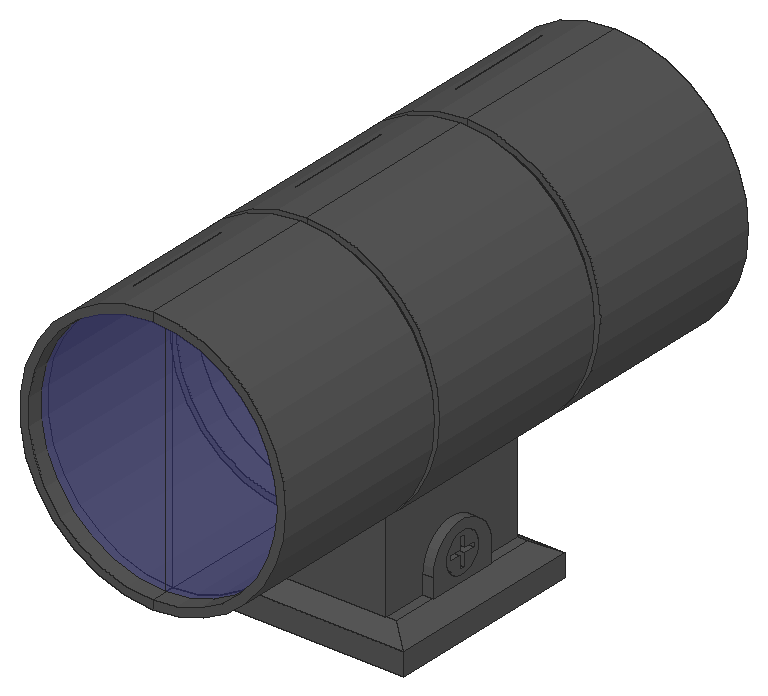
Revit family "CARLO CYLINDER LIGHT WALL MOUNT", category Lighting Fixtures, host Face, Revit 2020 (continued)
Parameters (values of type "CCL6-13-35SPSW8-PC-25-WM-BK")
    .08 84.158 69.512 57.296 \r\n 48.53 44.594 42.564 39.647 36.82 34.187 31.574 28.747 25.984 23.435 \r\n 21.252 19.776 18.587 17.331 16.15 15.084 14.092 13.147 12.244 11.364 \r\n 10.516 9.6998 8.9154 8.1532 7.4374 6.7972 6.2086 5.6519 5.1426 4.6898 \r\n 4.2922 3.9597 3.6675 3.3897 3.1393 2.9219 2.7327 2.572 2.4296 2.2933 \r\n 2.1696 2.0645 1.9679 1.8691 1.7765 1.6969 1.624 1.5535 1.4861 1.4214 \r\n 1.3586 1.2963 1.2364 1.1812 1.1284 1.0771 1.0256 0.97006 0.91626 0.87048 \r\n 0.82722 0.78306 0.73794 0.6888 0.64122 0.60109 0.56442 0.52882 0.4954 0.46485 \r\n 0.43607 0.40852 0.38118 0.35434 0.32702 0.29712 0.26816 0.24427 0.22145 0.19551 \r\n 0.17115 0.15478 0.13708 0.10892 0.076151 0.037228 0.0052719 0 0.000085 0 \r\n 0 0 0 0.0052154 0.01978 0.053807 0.094572 0.13162 0.16826 0.20405 \r\n 0.23983 0.27676 0.31345 0.3485 0.3831 0.41853 0.45312 0.48465 0.51603 0.55218 \r\n 0.58945 0.62443 0.66124 0.70481 0.7493 0.78866 0.82848 0.87276 0.92022 0.97194 \r\n 1.0249 1.0754 1.1262 1.1794 1.2336 1.2883 1.3441 1.4014 1.4596 1.5183 \r\n 1.5771 1.6341 1.6934 1.7604 1.8305 1.8994 1.9724 2.0546 2.1426 2.2334 \r\n 2.3304 2.4345 2.5496 2.6806 2.8252 2.9809 3.1536 3.346 3.5656 3.8196 \r\n 4.112 4.4501 4.8316 5.2502 5.7256 6.28 6.9008 7.5837 8.3264 9.1328 \r\n 9.9798 10.842 11.731 12.652 13.608 14.614 15.648 16.691 17.743 18.77 \r\n 19.846 21.081 22.33 23.33 24.543 26.345 28.728 32.05 35.591 37.94 \r\n 41.535 47.644 58.363 77.853 101.19 123.9 148.77 177.84 208.82 240.11 \r\n 271.65 303.15 333.71 362.48 389.14 413.59 434.23 448.84 459.12 465.43 \r\n 469.58 473.68 477.27 480.62 483.63 486.12 488.49 491.11 493.83 496.63 \r\n 499.53 502.57 505.65 508.71 511.73 514.61 517.6 521 524.51 527.83 \r\n 531.21 534.73 538.54 542.77 547.59 553.14 559.65 567.32 576.47 587.4 \r\n 600.38 615.69 633.68 654.41 679.04 708.56 743.55 783 832.71 901.23 \r\n 979.42 1060.4 1146 1231.6 1329.2 1450.5 1591.3 1752.7 1930.4 2122.5 \r\n 2323.2 2525.4 2731.1 2940 3151.9 3367.9 3583.6 3796.7 4002.4 4195.6 \r\n 4376 4541.1 4692.5 4831.2 4956.6 5069.3 5167.2 5246.7 5313 5370.9 \r\n 5509.6 \r\n5444.5 5451.5 5428.5 5395.9 5353.8 5303.5 5241.7 5165.5 5074.5 4965.5 \r\n 4844 4715.8 4577.9 4429.2 4270.6 4102.5 3924.5 3734.6 3538.2 3339.9 \r\n 3139.9 2940 2740 2539.1 2341.8 2152.1 1970.9 1799.9 1640.3 1493.9 \r\n 1361.2 1242.9 1140.2 1057.9 985.18 909.06 840.66 789.23 747.31 710.25 \r\n 678.77 652.18 629.99 611.78 596.69 583.76 572.86 563.59 555.74 549.03 \r\n 543.32 538.53 534.27 530.05 526.17 522.87 519.79 516.59 513.38 510.15 \r\n 506.95 503.83 500.87 498.34 495.81 492.87 489.73 486.46 483.03 479.46 \r\n 475.69 472.37 467.42 459.4 446.93 427.23 403 375.6 346.28 316.99 \r\n 287.08 256.24 225.45 195.75 166.65 136.71 109.94 91.382 76.616 61.739 \r\n 50.242 45.833 43.959 40.852 37.866 35.179 32.553 29.75 26.955 24.158 \r\n 21.709 20.126 18.893 17.627 16.447 15.343 14.315 13.367 12.469 11.589 \r\n 10.734 9.8981 9.0959 8.339 7.627 6.9634 6.3486 5.7839 5.2697 4.8056 \r\n 4.3943 4.0456 3.7378 3.4486 3.1894 2.9664 2.7732 2.6082 2.4627 2.326 \r\n 2.2023 2.095 1.9958 1.8952 1.801 1.7197 1.6457 1.5755 1.509 1.4453 \r\n 1.3834 1.3206 1.2603 1.2063 1.1543 1.101 1.0476 0.99294 0.94033 0.89407 \r\n 0.84993 0.80487 0.75962 0.71285 0.66776 0.62809 0.59088 0.55388 0.51863 0.48624 \r\n 0.45576 0.42715 0.39887 0.37233 0.34567 0.3166 0.28787 0.2622 0.23736 0.21061 \r\n 0.18612 0.17024 0.15367 0.12867 0.096887 0.050584 0.010128 0 0.00012592 0 \r\n 0 0 0 0.012195 0.032639 0.062772 0.098637 0.13731 0.17714 0.21473 \r\n 0.25239 0.29224 0.33141 0.36676 0.40109 0.43687 0.47194 0.50395 0.53589 0.57211 \r\n 0.60892 0.64263 0.67756 0.71831 0.76039 0.79938 0.83971 0.88499 0.9333 0.98473 \r\n 1.0368 1.0857 1.1352 1.1884 1.2433 1.2984 1.3547 1.413 1.4722 1.5314 \r\n 1.5906 1.6479 1.708 1.7772 1.8495 1.9186 1.9922 2.0779 2.1699 2.2631 \r\n 2.3624 2.4693 2.5881 2.7238 2.8747 3.0393 3.2208 3.4193 3.6434 3.8977 \r\n 4.1936 4.5464 4.9475 5.387 5.8829 6.4532 7.0888 7.7887 8.5473 9.3652 \r\n 10.222 11.093 11.994 12.933 13.908 14.926 15.966 17.008 18.059 19.104 \r\n 20.192 21.407 22.629 23.611 24.83 26.676 29.162 32.682 36.481 38.881 \r\n 43.042 51.374 64.453 84.766 108.99 134.32 161.69 191.51 222.56 253.78 \r\n 285.06 316.35 346.48 374.35 399.69 422.38 440.88 452.7 460.58 466.14 \r\n 470.18 474.2 477.76 480.89 483.72 486.34 488.91 491.58 494.39 497.44 \r\n 500.61 503.84 507.06 510.19 513.23 516.08 519.02 522.42 525.97 529.45 \r\n 532.99 536.53 540.39 544.88 549.98 555.69 562.36 570.21 579.67 591.17 \r\n 604.85 620.83 639.54 661.04 686.54 717.06 753.3 795.13 846.14 911.33 \r\n 986.38 1068.5 1158.1 1252.3 1358.4 1482.5 1624.9 1789.2 1970.3 2167.1 \r\n 2372 2576 2781.9 2989.5 3199.4 3414.4 3628.8 3838.9 4041.6 4233.4 \r\n 4412.5 4574.9 4723.2 4859.2 4981.9 5091.9 5186.8 5262.4 5324.8 5379.3 \r\n 5509.6 \r\n5444.5 5450.1 5430.2 5400.3 5361.2 5315.1 5257.8 5185.6 5098.9 4995 \r\n 4878.7 4754.1 4619.5 4474.5 4319.7 4155.9 3981.8 3794.6 3599.9 3402.3 \r\n 3202.4 3002.6 2803 2603.4 2406.8 2215.1 2030.6 1855.5 1691.4 1541 \r\n 1404.3 1281.9 1175.5 1091.3 1016.2 934.22 859.83 805.26 761.16 721.96 \r\n 688.64 660.49 636.95 617.49 601.33 587.57 576 566.19 557.89 550.74 \r\n 544.64 539.47 534.87 530.33 526.14 522.52 519.19 515.94 512.76 509.55 \r\n 506.41 503.39 500.56 498.18 495.79 492.9 489.83 486.77 483.57 480.15 \r\n 476.54 473.21 468.68 462.47 452.06 433.75 410.65 384.2 355.58 326.61 \r\n 296.76 265.66 234.62 205.16 176.23 145.7 118.24 99.658 84.361 66.829 \r\n 52.63 47.442 45.412 42.068 38.949 36.182 33.529 30.768 27.976 24.983 \r\n 22.305 20.589 19.272 17.977 16.784 15.64 14.575 13.62 12.722 11.837 \r\n 10.974 10.12 9.3017 8.5483 7.8379 7.151 6.51 5.9352 5.4136 4.9379 \r\n 4.5122 4.144 3.8173 3.5164 3.2489 3.0196 2.8214 2.6511 2.5015 2.3634 \r\n 2.2387 2.1283 2.0258 1.9232 1.8273 1.7441 1.6687 1.5984 1.5324 1.4694 \r\n 1.4079 1.3448 1.2841 1.231 1.1795 1.1244 1.0691 1.0154 0.96393 0.91721 \r\n 0.87219 0.82612 0.78067 0.73636 0.69392 0.65491 0.61736 0.5792 0.54228 0.50798 \r\n 0.47568 0.44594 0.41665 0.39029 0.36423 0.33606 0.30766 0.28022 0.25337 0.22601 \r\n 0.20145 0.18554 0.16945 0.14697 0.11608 0.064157 0.016821 0.0022962 0.00015856 0 \r\n 0 0 0.000000 0.020224 0.047519 0.073493 0.10409 0.14496 0.18858 0.22783 \r\n 0.26713 0.31019 0.35206 0.38738 0.42105 0.45717 0.4927 0.52488 0.55705 0.59317 \r\n 0.62943 0.66186 0.69498 0.7331 0.773 0.81181 0.85278 0.89907 0.94807 0.99873 \r\n 1.0495 1.0973 1.1459 1.1991 1.2542 1.3095 1.3662 1.4254 1.4855 1.5453 \r\n 1.6051 1.663 1.7242 1.7956 1.8701 1.9396 2.0138 2.1028 2.1986 2.2944 \r\n 2.3962 2.5062 2.6288 2.7695 2.9266 3.0998 3.2903 3.4963 3.7264 3.9824 \r\n 4.2824 4.6496 5.0697 5.5308 6.0483 6.6355 7.287 8.0044 8.7791 9.6091 \r\n 10.477 11.358 12.271 13.23 14.223 15.252 16.299 17.34 18.393 19.464 \r\n 20.571 21.761 22.957 23.937 25.185 27.096 29.702 33.376 37.488 40.366 \r\n 45.509 56.087 71.428 92.507 117.55 145.42 175.21 205.71 236.75 267.86 \r\n 298.82 329.76 359.28 386.12 410.02 430.72 446.93 456.09 461.75 466.69 \r\n 470.71 474.66 478.19 481.12 483.8 486.55 489.3 492.05 494.94 498.23 \r\n 501.64 505.04 508.37 511.56 514.63 517.46 520.38 523.75 527.32 530.93 \r\n 534.62 538.22 542.17 546.92 552.33 558.24 565.12 573.23 583.06 595.18 \r\n 609.59 626.31 645.83 668.23 694.78 726.39 764.13 809.09 862.17 924.45 \r\n 996.46 1079.2 1172.4 1275.1 1389.9 1517.3 1661.5 1828.9 2013.6 2214.7 \r\n 2423.3 2629.1 2835.6 3042 3250.2 3464.2 3677.1 3884.2 4083.8 4273.8 \r\n 4451.1 4610.7 4756 4888.9 5008.6 5115.6 5207.2 5278.6 5336.8 5387.8 \r\n 5509.6 \r\n5444.5 5449.8 5433.9 5407.6 5372.2 5330.2 5277.3 5209.9 5128.5 5031.2 \r\n 4921.1 4800.8 4669.9 4528.5 4377.3 4217.9 4048.4 3865.6 3674.6 3478.6 \r\n 3279.4 3079.6 2880 2681.5 2485.4 2292.4 2105 1925 1755.4 1599.9 \r\n 1458.3 1330.6 1218.8 1129.5 1049.4 962.49 883.58 825.35 778.25 736.73 \r\n 701.47 671.41 646.15 625.18 607.7 592.83 580.32 569.76 560.84 553.11 \r\n 546.5 540.89 535.91 531.1 526.68 522.8 519.26 515.95 512.77 509.55 \r\n 506.42 503.45 500.69 498.32 495.93 493.07 490.06 487.13 484.09 480.85 \r\n 477.42 474.07 469.89 465.07 456.56 440.49 419.52 394.59 367.03 338.56 \r\n 308.87 277.74 246.56 217.08 188.02 157.16 129.04 109.25 92.331 72.625 \r\n 56.279 49.51 46.452 43.014 40.101 37.231 34.478 31.781 29.063 26.04 \r\n 23.266 21.353 19.836 18.448 17.204 16.023 14.934 13.953 13.036 12.138 \r\n 11.266 10.402 9.5746 8.8114 8.0893 7.3862 6.7269 6.1326 5.5919 5.1009 \r\n 4.6585 4.2635 3.9119 3.6 3.3258 3.0874 2.8804 2.7022 2.5458 2.4028 \r\n 2.2737 2.1577 2.0503 1.945 1.8471 1.7611 1.6832 1.6118 1.5451 1.4813 \r\n 1.4191 1.3555 1.2945 1.2412 1.1895 1.1332 1.0771 1.0235 0.97254 0.92619 \r\n 0.8813 0.83434 0.78851 0.74628 0.70632 0.66853 0.63166 0.5938 0.5568 0.52203 \r\n 0.48903 0.4584 0.42837 0.40184 0.37596 0.34862 0.32067 0.29176 0.2633 0.23597 \r\n 0.21158 0.19461 0.17781 0.15681 0.12742 0.075492 0.026543 0.0069669 0 0 \r\n 0 0.000046 0.0073826 0.033878 0.065704 0.088555 0.11573 0.16033 0.20864 0.24842 \r\n 0.28833 0.33611 0.38219 0.41648 0.44828 0.48549 0.52217 0.55317 0.58404 0.62031 \r\n 0.65689 0.68877 0.72121 0.75915 0.79852 0.83742 0.87874 0.92598 0.97546 1.0244 \r\n 1.0736 1.1224 1.1722 1.2247 1.2789 1.3339 1.3907 1.4502 1.511 1.5714 \r\n 1.632 1.6911 1.7538 1.8273 1.9037 1.9738 2.0487 2.1396 2.2376 2.3357 \r\n 2.4399 2.5525 2.678 2.8221 2.9834 3.1616 3.3585 3.5743 3.8139 4.0739 \r\n 4.3787 4.7568 5.1912 5.6694 6.2055 6.8121 7.4816 8.2121 8.9986 9.8413 \r\n 10.722 11.618 12.546 13.521 14.53 15.571 16.626 17.662 18.721 19.842 \r\n 20.99 22.143 23.3 24.304 25.604 27.603 30.285 33.743 38.062 42.518 \r\n 49.631 61.863 78.661 100.71 126.76 156.44 187.84 218.77 249.78 280.85 \r\n 311.57 341.94 370.64 396.53 419.06 437.46 451.23 458.44 462.7 467.28 \r\n 471.35 475.23 478.72 481.57 484.21 487.06 489.96 492.84 495.87 499.29 \r\n 502.82 506.28 509.65 512.85 515.91 518.76 521.67 524.99 528.5 532.09 \r\n 535.8 539.49 543.58 548.48 554.07 560.24 567.44 575.9 586.13 598.76 \r\n 613.75 631.06 651.31 674.7 702.41 734.95 774.46 824.14 881.36 943.36 \r\n 1013.8 1094.8 1187.9 1295.6 1416.1 1546.7 1693.2 1862.9 2049.7 2252.6 \r\n 2462.8 2670.2 2877.8 3084.5 3292.5 3506.1 3718.2 3923.7 4121.2 4308.7 \r\n 4483.3 4640.9 4784.3 4915 5032 5135.9 5224 5291.8 5346.4 5394.3 \r\n 5509.6 \r\n5444.5 5450.9 5439.8 5418 5387 5348.8 5300 5238.2 5163.2 5073.6 \r\n 4970.8 4855.6 4728.8 4590.8 4443.2 4288.4 4123.9 3947.3 3761.6 3568.3 \r\n 3370.4 3170.5 2970.3 2772.6 2576.9 2383.1 2193.2 2007.7 1831.4 1670.1 \r\n 1522.3 1388.1 1269.4 1171.9 1084.4 993.64 911.83 849.52 798.59 754.48 \r\n 717.08 684.78 657.45 634.72 615.7 599.45 585.77 574.25 564.53 556.1 \r\n 548.89 542.76 537.39 532.38 527.83 523.75 520.04 516.65 513.44 510.18 \r\n 507.03 504.07 501.28 498.78 496.28 493.41 490.45 487.56 484.63 481.57 \r\n 478.35 475.01 471.12 467.25 460.41 447.34 429.47 406.59 380.45 352.71 \r\n 323.33 292.42 261.23 231.41 201.88 170.93 142.18 120.04 100.46 79.127 \r\n 61.252 52.149 47.212 43.758 41.32 38.318 35.402 32.779 30.192 27.304 \r\n 24.569 22.404 20.582 19.038 17.702 16.488 15.387 14.367 13.41 12.491 \r\n 11.607 10.743 9.913 9.1267 8.3794 7.6675 6.9979 6.375 5.8033 5.2936 \r\n 4.832 4.4039 4.022 3.6997 3.42 3.1696 2.95 2.7612 2.5951 2.4437 \r\n 2.3069 2.1831 2.0692 1.9606 1.8603 1.7706 1.6893 1.6156 1.5471 1.481 \r\n 1.4169 1.3527 1.2914 1.2369 1.184 1.1276 1.0714 1.0173 0.96611 0.92095 \r\n 0.8772 0.82956 0.78321 0.74255 0.70471 0.66861 0.63338 0.5973 0.56185 0.52804 \r\n 0.49549 0.46443 0.43398 0.40695 0.38083 0.35417 0.32671 0.29671 0.26713 0.2404 \r\n 0.21642 0.19741 0.17877 0.15825 0.13097 0.084595 0.039285 0.013912 0 0 \r\n 0 0.008331 0.024426 0.054041 0.086532 0.10768 0.13396 0.1836 0.23718 0.27649 \r\n 0.31605 0.36971 0.42116 0.45351 0.48237 0.52129 0.55965 0.58821 0.61639 0.65299 \r\n 0.69061 0.72269 0.75548 0.79477 0.83584 0.87549 0.9173 0.96536 1.015 1.0615 \r\n 1.1088 1.1606 1.2135 1.2649 1.3171 1.3714 1.4279 1.4873 1.5483 1.6093 \r\n 1.6709 1.7318 1.7964 1.8717 1.9496 2.0208 2.0966 2.1878 2.2864 2.3865 \r\n 2.4931 2.6077 2.7353 2.8815 3.045 3.2245 3.4254 3.6531 3.9054 4.1723 \r\n 4.483 4.8688 5.3127 5.8033 6.3549 6.983 7.6725 8.4121 9.2061 10.062 \r\n 10.959 11.873 12.819 13.807 14.827 15.88 16.944 17.975 19.042 20.236 \r\n 21.444 22.55 23.662 24.72 26.105 28.215 30.946 33.878 38.347 45.454 \r\n 55.479 68.761 86.214 109.46 136.72 167.38 199.5 230.61 261.58 292.69 \r\n 323.2 352.8 380.47 405.45 426.66 442.52 453.81 459.83 463.53 468 \r\n 472.15 475.96 479.39 482.29 485.02 487.93 490.91 493.98 497.18 500.63 \r\n 504.15 507.57 510.9 514.06 517.11 519.99 522.93 526.15 529.53 532.96 \r\n 536.57 540.41 544.69 549.59 555.24 561.74 569.37 578.25 588.93 601.96 \r\n 617.38 635.16 656.06 680.51 709.49 742.83 784.36 840.09 903.36 967.9 \r\n 1038.4 1115.8 1205.3 1314.1 1437.3 1570.8 1720.1 1891.3 2078.6 2280.9 \r\n 2490.6 2699 2908.2 3116.7 3326.3 3540.1 3751.9 3957.3 4153.8 4337.9 \r\n 4509 4665.5 4808 4937 5051.9 5152.5 5237.2 5301.8 5353.5 5398.8 \r\n 5509.6 \r\n5444.5 5452.3 5446.1 5429.2 5402.5 5367.9 5323.2 5266.8 5198.2 5116.3 \r\n 5021 4911.2 4788.6 4654.1 4509.9 4359.3 4199.8 4029.5 3849.6 3659.3 \r\n 3462.8 3262.9 3062.3 2865.1 2669.6 2475 2282.8 2092 1909.4 1742.3 \r\n 1588.4 1447.6 1321.6 1215 1119.6 1025.8 942.01 875.64 820.58 773.44 \r\n 733.46 698.77 669.32 644.77 624.17 606.49 591.56 579.03 568.45 559.29 \r\n 551.45 544.78 539.01 533.81 529.15 524.89 521.02 517.55 514.28 510.99 \r\n 507.81 504.83 501.99 499.34 496.68 493.8 490.88 488.02 485.15 482.27 \r\n 479.23 475.9 472.23 469.06 463.69 453.68 439.11 418.53 394.05 367.22 \r\n 338.31 307.77 276.68 246.52 216.52 185.55 156.2 131.47 109.04 86.282 \r\n 67.088 55.501 48.424 44.716 42.561 39.39 36.324 33.759 31.303 28.59 \r\n 25.938 23.528 21.393 19.672 18.225 16.979 15.871 14.807 13.806 12.863 \r\n 11.967 11.104 10.272 9.4597 8.6849 7.965 7.2862 6.633 6.0283 5.4994 \r\n 5.0183 4.5562 4.143 3.8093 3.523 3.2596 3.0265 2.8259 2.6491 2.4881 \r\n 2.3427 2.2107 2.0902 1.978 1.8751 1.7817 1.6967 1.6203 1.5493 1.4806 \r\n 1.4145 1.3497 1.2881 1.232 1.1777 1.1213 1.0654 1.0106 0.95909 0.91506 \r\n 0.87245 0.82426 0.77746 0.73805 0.702 0.66745 0.63387 0.59983 0.56626 0.53372 \r\n 0.50185 0.47041 0.43955 0.41194 0.38546 0.35935 0.33233 0.3014 0.27091 0.2449 \r\n 0.22129 0.19993 0.17905 0.15843 0.13317 0.094001 0.053834 0.021959 0 0 \r\n 0 0.017648 0.043308 0.075102 0.10741 0.12804 0.15479 0.2094 0.26787 0.30692 \r\n 0.34618 0.40494 0.46092 0.49123 0.51716 0.55736 0.59697 0.62305 0.64857 0.68532 \r\n 0.72384 0.7563 0.7896 0.83091 0.8743 0.9147 0.95677 1.0053 1.0548 1.0986 \r\n 1.144 1.1988 1.255 1.3053 1.3554 1.4091 1.4652 1.5244 1.5855 1.6471 \r\n 1.71 1.7727 1.8393 1.9161 1.9953 2.0679 2.1448 2.2361 2.3353 2.4376 \r\n 2.5469 2.664 2.794 2.9425 3.1084 3.2893 3.4943 3.7345 4.0009 4.2774 \r\n 4.5963 4.9896 5.4424 5.9461 6.514 7.1637 7.8735 8.6231 9.4255 10.296 \r\n 11.209 12.141 13.105 14.104 15.134 16.197 17.271 18.301 19.381 20.644 \r\n 21.911 22.979 24.063 25.21 26.724 28.972 31.81 34.358 39.186 49.287 \r\n 62.507 76.822 94.835 119.31 147.73 179.08 211.57 242.76 273.62 304.7 \r\n 334.92 363.58 390.03 413.88 433.61 446.91 455.83 460.97 464.41 468.82 \r\n 473.04 476.76 480.12 483.08 485.92 488.87 491.92 495.18 498.55 501.99 \r\n 505.44 508.8 512.07 515.2 518.24 521.19 524.16 527.31 530.56 533.82 \r\n 537.35 541.37 545.88 550.8 556.52 563.39 571.5 580.88 592.07 605.53 \r\n 621.43 639.75 661.41 687.06 717.46 751.77 795.5 857.36 926.91 994.92 \r\n 1066.5 1140.5 1226.5 1335.8 1461.2 1597.8 1750.2 1923.1 2111.1 2312.2 \r\n 2520.7 2730 2940.7 3151.4 3362.8 3576.8 3788.1 3993.3 4188.8 4369.1 \r\n 4536.4 4691.5 4833 4960.2 5072.5 5169.5 5250.4 5311.7 5360.4 5403.1 \r\n 5509.6 \r\n5444.5 5453.9 5452.7 5440.5 5418.2 5387 5345.9 5294.7 5232.2 5157.8 \r\n 5069.8 4965.6 4847.6 4716.5 4575.4 4428.8 4273.9 4109.8 3935.6 3748.3 \r\n 3553.3 3353.7 3152.9 2955.9 2760.3 2564.8 2370.4 2174.9 1986.5 1813.9 \r\n 1654.2 1506.7 1373.4 1257.5 1154.2 1058.2 973.47 903.25 843.88 793.14 \r\n 750.02 712.83 681.31 654.94 632.75 613.64 597.47 583.91 572.47 562.55 \r\n 554.09 546.89 540.72 535.33 530.57 526.13 522.11 518.55 515.22 511.89 \r\n 508.68 505.68 502.78 499.95 497.14 494.25 491.35 488.5 485.67 482.95 \r\n 480.08 476.73 473.24 470.54 466.4 459.31 448 429.88 407.31 381.57 \r\n 353.31 323.3 292.43 261.98 231.53 200.57 170.65 143.33 118.08 94.078 \r\n 73.73 59.684 50.362 46.036 43.812 40.428 37.252 34.714 32.362 29.837 \r\n 27.291 24.665 22.238 20.332 18.759 1
